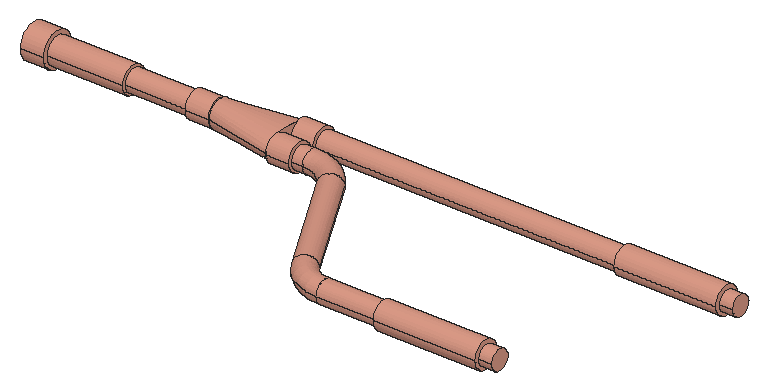
Revit family "outputfile", category 配管付属品, Revit 2024
Family settings
  丸型コネクタ寸法 = 半径を使用
  パーツ タイプ = 標準
  OmniClass 番号 = 23.65.55.00
  OmniClass タイトル = Distribution of Supplied Liquids/Gases
  作業面ベース = いいえ
  常に垂直 = はい
  ロード時にボイドで切り取り = いいえ
  共有 = いいえ
Parameters (values of type "KHRP26A33T")
  Description = ""
  製造元 = "Daikin"
  書き出し IFC クラス(タイプ) = "IfcPipeFittingType"
  定義済み IFC タイプ(タイプ) = "JUNCTION"
  Cost = 0
  Type Comments = ""
  Keynote = ""
  Type Image = (empty or 0)
  Assembly Code = ""
  mm⇔inch [instance] = yes
  l_InletPipe4 = 10.0 mm
  built-in parameter 1114242 [instance] = (empty or 0)
  Default Elevation = 0.0 mm
  モデル = "KHRP26A33T"
  table_StraightPipe [instance] = if(mm⇔inch, "Refnet Joint_KHRP26A-T_Liquid_StraightPipe", "Refnet Joint_KHRP26A-T_Liquid_StraightPipe_inch")  # "Refnet Joint_KHRP26A-T_Liquid_StraightPipe"
  table_BranchPipe [instance] = if(mm⇔inch, "Refnet Joint_KHRP26A-T_Liquid_BranchPipe", "Refnet Joint_KHRP26A-T_Liquid_BranchPipe_inch")  # "Refnet Joint_KHRP26A-T_Liquid_BranchPipe"
  table_Inlet [instance] = if(mm⇔inch, "Refnet Joint_KHRP26A-T_Liquid_Inlet", "Refnet Joint_KHRP26A-T_Liquid_Inlet_inch")  # "Refnet Joint_KHRP26A-T_Liquid_Inlet"
  switch_StraightPipe_Reducer [instance] = if(Is_StraightPipe Reducer = 1, 1 = 1, 1 = 0)  # no
  switch_StraightPipe3 [instance] = if(number_StraightPipe = 3, 1 = 1, 1 = 0)  # no
  switch_StraightPipe2 [instance] = if(number_StraightPipe < 2, 1 = 0, 1 = 1)  # yes
  switch_BranchPipe_Reducer [instance] = if(Is_BranchPipe Reducer = 1, 1 = 1, 1 = 0)  # no
  switch_BranchPipe3 [instance] = if(number_BranchPipe = 3, 1 = 1, 1 = 0)  # no
  switch_BranchPipe2 [instance] = if(number_BranchPipe < 2, 1 = 0, 1 = 1)  # yes
  switch_Inlet pipe_Reducer [instance] = if(Is_Inlet Reducer = 1, 1 = 1, 1 = 0)  # no
  switch_Inlet pipe3 [instance] = if(number_InletPipe = 3, 1 = 1, 1 = 0)  # no
  switch_Inlet pipe2 [instance] = if(number_InletPipe < 2, 1 = 0, 1 = 1)  # yes
  Uniclass2015Version = "Products v1.31"
  Uniclass2015Title = "Copper pipe fittings"
  Uniclass2015Code = "Pr_65_52_63_18"
  URL = ""
  StraightPipe_Liquid_ActualDiameter [instance] = 6.4 mm
  Material_Piping = DAIKIN_Copper_Pipe
  Material_Insulation = DAIKIN_White_Insulation
  lw_Insulation [instance] = size_lookup(table_Inlet, "lw_Insulation", 38.0 mm, モデル)  # 28.0 mm
  Unit Type = "KHRP26A-T_Liquid"
  Tag No. [instance] = ""
  StraightPipe_Liquid_Status [instance] = size_lookup(table_StraightPipe, "Information", "The connected pipe size is not available.", モデル, StraightPipe_Liquid_ActualDiameter)  # "Default connector size is used."
  Link_Nested Family [instance] = ""
  Inlet_Liquid_Actual Diameter [instance] = 12.7 mm
  IfcVersion = ""
  IfcExportType = "JUNCTION"
  IfcExportAs = "IfcPipeFittingType"
  BranchPipe_Liquid_Status [instance] = size_lookup(table_BranchPipe, "Information", "The connected pipe size is not available.", モデル, BranchPipe_Liquid_ActualDiameter)  # "Default connector size is used."
  Inlet_Liquid_Status [instance] = size_lookup(table_Inlet, "Information", "The connected pipe size is not available.", モデル, Inlet_Liquid_Actual Diameter)  # "Default connector size is used."
  Series = "Refnet Joint"
  O.R_dividePipe_Inlet [instance] = (I.D_InletPipe1 + 2.0 mm) / 2  # 5.75 mm
  r_StraightPipe_Connector [instance] = StraightPipe_Liquid_ActualDiameter / 2  # 3.2 mm
  r_BranchPipe_Connector [instance] = BranchPipe_Liquid_ActualDiameter / 2  # 3.2 mm
  r_Inlet_Connector [instance] = Inlet_Liquid_Actual Diameter / 2  # 6.35 mm
  number_StraightPipe [instance] = size_lookup(table_StraightPipe, "pipeNumber", 2, モデル, StraightPipe_Liquid_ActualDiameter)  # 2
  number_BranchPipe [instance] = size_lookup(table_BranchPipe, "pipeNumber", 2, モデル, BranchPipe_Liquid_ActualDiameter)  # 2
  number_InletPipe [instance] = size_lookup(table_Inlet, "pipeNumber", 1, モデル, Inlet_Liquid_Actual Diameter)  # 2
  r_BranchPipeR [instance] = size_lookup(table_BranchPipe, "r_offsetPipeR", 18.0 mm, モデル, BranchPipe_Liquid_ActualDiameter)  # 18.0 mm
  l_BranchPipe_Straight2 [instance] = size_lookup(table_BranchPipe, "L_offsetPipe2", 25.5 mm, モデル)  # 25.5 mm
  l_BranchPipe_Straight1 [instance] = size_lookup(table_BranchPipe, "L_offsetPipe1", 5.0 mm, モデル)  # 5.0 mm
  l_BranchPipe connector [instance] = size_lookup(table_BranchPipe, "Length", 150.0 mm, モデル, BranchPipe_Liquid_ActualDiameter)  # 150.0 mm
  l_inlet connector [instance] = size_lookup(table_Inlet, "Length", 70.0 mm, モデル, Inlet_Liquid_Actual Diameter)  # 80.0 mm
  l_dividePipe [instance] = size_lookup(table_Inlet, "L_devidePipe", 30.0 mm, モデル)  # 30.0 mm
  l_StraightPipeReducer [instance] = size_lookup(table_StraightPipe, "L_Reducer", 80.0 mm, モデル, StraightPipe_Liquid_ActualDiameter)  # 80.0 mm
  l_StraightPipe3 [instance] = size_lookup(table_StraightPipe, "L_Pipe3", 2.0 mm, モデル)  # 2.0 mm
  l_StraightPipe2 [instance] = size_lookup(table_StraightPipe, "L_Pipe2", 6.0 mm, モデル)  # 6.0 mm
  l_StraightPipe1 [instance] = size_lookup(table_StraightPipe, "L_Pipe1", 44.0 mm, モデル)  # 44.0 mm
  l_StraightPipe0 [instance] = size_lookup(table_StraightPipe, "L_Pipe0", 130.0 mm, モデル)  # 130.0 mm
  l_StraightPipe connector [instance] = size_lookup(table_StraightPipe, "Length", 190.0 mm, モデル, StraightPipe_Liquid_ActualDiameter)  # 190.0 mm
  l_BranchPipe Reducer [instance] = size_lookup(table_BranchPipe, "L_Reducer", 50.0 mm, モデル, BranchPipe_Liquid_ActualDiameter)  # 50.0 mm
  l_BranchPipe3 [instance] = size_lookup(table_BranchPipe, "L_Pipe3", 2.0 mm, モデル)  # 2.0 mm
  l_BranchPipe2 [instance] = size_lookup(table_BranchPipe, "L_Pipe2", 6.0 mm, モデル)  # 6.0 mm
  l_BranchPipe1 [instance] = size_lookup(table_BranchPipe, "L_Pipe1", 44.0 mm, モデル)  # 44.0 mm
  l_BranchPipe0 [instance] = size_lookup(table_BranchPipe, "L_Pipe0", 90.0 mm, モデル)  # 90.0 mm
  l_InletReducer [instance] = size_lookup(table_Inlet, "L_Reducer", 80.0 mm, モデル, Inlet_Liquid_Actual Diameter)  # 80.0 mm
  l_InletPipe3 [instance] = size_lookup(table_Inlet, "L_Pipe3", 2.0 mm, モデル)  # 2.0 mm
  l_InletPipe2 [instance] = size_lookup(table_Inlet, "L_Pipe2", 2.0 mm, モデル)  # 10.0 mm
  l_InletPipe1 [instance] = size_lookup(table_Inlet, "L_Pipe1", 7.0 mm, モデル)  # 33.0 mm
  l_InletPipe0 [instance] = size_lookup(table_Inlet, "L_Pipe0", 53.0 mm, モデル)  # 27.0 mm
  center_StraightPipe [instance] = size_lookup(table_StraightPipe, "center_Pipe", 6.5 mm, モデル)  # 6.5 mm
  center_BranchPipe2 [instance] = size_lookup(table_BranchPipe, "center_OffsetPipe", 73.5 mm, モデル)  # 73.5 mm
  center_BranchPipe1 [instance] = size_lookup(table_BranchPipe, "center_Pipe", 6.5 mm, モデル)  # 6.5 mm
  StraightPipe_Liquid_AvailableDiameter [instance] = size_lookup(table_StraightPipe, "sizeVariation", "", モデル)  # "6.4/9.5mm"
  BranchPipe_Liquid_AvailableDiameter [instance] = size_lookup(table_BranchPipe, "sizeVariation", "", モデル)  # "6.4/9.5mm"
  Inlet_Liquid_Available Diameter [instance] = size_lookup(table_Inlet, "sizeVariation", "", モデル)  # "9.5/12.7mm"
  O.D_StraightPipe Reducer [instance] = size_lookup(table_StraightPipe, "O.D_reducer", 2.0 mm, モデル, StraightPipe_Liquid_ActualDiameter)  # 2.0 mm
  O.D_Offset Outlet Reducer [instance] = size_lookup(table_BranchPipe, "O.D_reducer", 2.0 mm, モデル, BranchPipe_Liquid_ActualDiameter)  # 2.0 mm
  O.D_Inlet Reducer [instance] = size_lookup(table_Inlet, "O.D_reducer", 2.0 mm, モデル, Inlet_Liquid_Actual Diameter)  # 2.0 mm
  Is_StraightPipe Reducer [instance] = size_lookup(table_StraightPipe, "IsReducer", 0, モデル, StraightPipe_Liquid_ActualDiameter)  # 0
  Is_BranchPipe Reducer [instance] = size_lookup(table_BranchPipe, "IsReducer", 0, モデル, BranchPipe_Liquid_ActualDiameter)  # 0
  Is_Inlet Reducer [instance] = size_lookup(table_Inlet, "IsReducer", 0, モデル, Inlet_Liquid_Actual Diameter)  # 0
  BranchPipe_Liquid_ActualDiameter [instance] = 6.4 mm
  Attach_Insulation [instance] = no
  I.D_StraightPipe3 [instance] = size_lookup(table_StraightPipe, "I.D_PipeSize3", 2.0 mm, モデル)  # 2.0 mm
  I.D_StraightPipe2 [instance] = size_lookup(table_StraightPipe, "I.D_PipeSize2", 6.4 mm, モデル)  # 6.4 mm
  I.D_StraightPipe1 [instance] = size_lookup(table_StraightPipe, "I.D_PipeSize1", 9.5 mm, モデル)  # 9.5 mm
  I.D_StraightPipe0 [instance] = size_lookup(table_StraightPipe, "I.D_PipeSize0", 7.5 mm, モデル)  # 7.5 mm
  I.D_BranchPipe3 [instance] = size_lookup(table_BranchPipe, "I.D_PipeSize3", 2.0 mm, モデル)  # 2.0 mm
  I.D_BranchPipe2 [instance] = size_lookup(table_BranchPipe, "I.D_PipeSize2", 6.4 mm, モデル)  # 6.4 mm
  I.D_BranchPipe1 [instance] = size_lookup(table_BranchPipe, "I.D_PipeSize1", 9.5 mm, モデル)  # 9.5 mm
  I.D_BranchPipe0 [instance] = size_lookup(table_BranchPipe, "I.D_PipeSize0", 7.5 mm, モデル)  # 7.5 mm
  I.D_Straight Reducer [instance] = size_lookup(table_StraightPipe, "I.D_reducer", 2.0 mm, モデル, StraightPipe_Liquid_ActualDiameter)  # 2.0 mm
  I.D_OutletPipe [instance] = size_lookup(table_Inlet, "I.D_OutletPipeSize", 9.6 mm, モデル, Inlet_Liquid_Actual Diameter)  # 9.6 mm
  I.D_Branch Reducer [instance] = size_lookup(table_BranchPipe, "I.D_reducer", 2.0 mm, モデル, BranchPipe_Liquid_ActualDiameter)  # 2.0 mm
  I.D_Inlet Reducer [instance] = size_lookup(table_Inlet, "I.D_reducer", 2.0 mm, モデル, Inlet_Liquid_Actual Diameter)  # 2.0 mm
  I.D_InletPipe3 [instance] = size_lookup(table_Inlet, "I.D_PipeSize3", 2.0 mm, モデル)  # 2.0 mm
  I.D_InletPipe2 [instance] = size_lookup(table_Inlet, "I.D_PipeSize2", 2.0 mm, モデル)  # 12.7 mm
  I.D_InletPipe1 [instance] = size_lookup(table_Inlet, "I.D_PipeSize1", 9.5 mm, モデル)  # 9.5 mm
  I.D_InletPipe0 [instance] = size_lookup(table_Inlet, "I.D_PipeSize0", 7.5 mm, モデル)  # 7.5 mm
Reference planes
  plane 1 "Center (Front/Back)": y = 0
  plane 2: z = 0
  plane 3 "base_left": x = 0
  plane 4: x = 2
  plane 5: x = 12
  plane 6: x = 45
  plane 7: x = 72
  plane 8: x = 82
  plane 9: x = 112
  plane 10: x = 122
  plane 11 "center_straight outlet": y = 6.5
  plane 12 "center2_offset outlet": y = -73.5
  plane 13 "center1_offset outlet": y = -6.5
  plane 14: x = 252
  plane 15: x = 296
  plane 16: x = 302
  plane 17: x = 212
  plane 18: x = 256
  plane 19: x = 262
  plane 20: x = 304
  plane 21: x = 264
  plane 22 "Reducer_straightoutlet": x = 262
  plane 23: x = 302
  plane 24: y = -12.25
  plane 25: z = 5.75
  plane 26 "Inlet_connector": x = 2
  plane 27 "Left_Insulation": x = 54
Forms (mm)
  SweptBlend 1, solid, material "DAIKIN_Copper_Pipe" <- "Material_Piping"
    path origin (0, 0, 0) x (1, 0, 0) y (0, 1, 0)
      loop
        line (82, 0) -> (112, 0)
    profile origin (82, 0, 0) x (0, 1, 0) y (0, 0, 1)
      loop
        circle (0, 0) r 5.75
    end profile origin (112, 0, 0) x (0, 1, 0) y (0, 0, 1)
      loop
        spline (-12.25, 0) -> (-11.833, -1.488) -> (-10.609, -2.875) -> (-8.662, -4.066) -> (-6.125, -4.98) -> (-3.171, -5.554) -> (0, -5.75) -> (3.171, -5.554) -> (6.125, -4.98) -> (8.662, -4.066) -> (10.609, -2.875) -> (11.833, -1.488) -> (12.25, 0)
        spline (12.25, 0) -> (11.833, 1.488) -> (10.609, 2.875) -> (8.662, 4.066) -> (6.125, 4.98) -> (3.171, 5.554) -> (0, 5.75) -> (-3.171, 5.554) -> (-6.125, 4.98) -> (-8.662, 4.066) -> (-10.609, 2.875) -> (-11.833, 1.488) -> (-12.25, 0)
Dimensions and locks
  "l_InletPipe3": plane 3 "base_left" to plane 4
  "l_InletPipe2": plane 4 to plane 5
  "l_InletPipe1": plane 5 to plane 6
  "l_InletPipe0": plane 6 to plane 7
  "l_InletPipe4": plane 7 to plane 8
  "center_StraightPipe": plane 1 "Center (Front/Back)" to plane 11 "center_straight outlet"
  "center_BranchPipe2": plane 12 "center2_offset outlet" to plane 1 "Center (Front/Back)"
  "center_BranchPipe1": plane 13 "center1_offset outlet" to plane 1 "Center (Front/Back)"
  "l_dividePipe": plane 8 to plane 9
  plane 9 to plane 10 = 10.0 mm
  "l_StraightPipe0": plane 10 to plane 14
  "l_BranchPipe0": plane 10 to plane 17
  "l_BranchPipe1": plane 17 to plane 18
  "l_BranchPipe2": plane 18 to plane 19
  "l_StraightPipe1": plane 14 to plane 15
  "l_StraightPipe2": plane 15 to plane 16
  "l_StraightPipe3": plane 16 to plane 20
  "l_BranchPipe3": plane 19 to plane 21
  "l_BranchPipe connector": plane 9 to plane 22 "Reducer_straightoutlet"
  "l_StraightPipe connector": plane 9 to plane 23
  "O.R_dividePipe_Inlet": plane 24 to plane 13 "center1_offset outlet"
  "O.R_dividePipe_Inlet": plane 25 to plane 2
  "l_inlet connector": plane 26 "Inlet_connector" to plane 8
  "lw_Insulation": plane 27 "Left_Insulation" to plane 8
  "O.R_dividePipe_Inlet": radius of SweptBlend 1 sketch curve
  aligned and locked: level to plane 2
  aligned and locked: plane 2 to nested 1
  aligned and locked: plane 3 "base_left" to nested 1
  aligned and locked: plane 1 "Center (Front/Back)" to nested 1
  aligned and locked: plane 4 to nested 2
  aligned and locked: plane 1 "Center (Front/Back)" to nested 2
  aligned and locked: plane 5 to nested 2
  aligned and locked: plane 5 to nested 3
  aligned and locked: plane 6 to nested 3
  aligned and locked: plane 6 to nested 4
  aligned and locked: nested 4 to plane 7
  aligned and locked: nested 5 to plane 7
  aligned and locked: nested 5 to plane 8
  aligned and locked: plane 8 to SweptBlend 1 sketch curve
  aligned and locked: plane 9 to SweptBlend 1 sketch curve
  aligned and locked: plane 2 to SweptBlend 1 sketch curve  (x2)
  aligned and locked: plane 1 "Center (Front/Back)" to SweptBlend 1 sketch curve  (x2)
  aligned and locked: nested 6 to plane 9
  aligned and locked: nested 7 to plane 9
  aligned and locked: nested 6 to plane 11 "center_straight outlet"
  aligned and locked: nested 7 to plane 13 "center1_offset outlet"
  aligned and locked: nested 7 to plane 10
  aligned and locked: nested 6 to plane 10
  aligned and locked: nested 8 to plane 10
  aligned and locked: plane 14 to nested 8
  aligned and locked: nested 8 to plane 11 "center_straight outlet"
  aligned and locked: plane 14 to nested 9
  aligned and locked: nested 9 to plane 11 "center_straight outlet"
  aligned and locked: plane 15 to nested 9
  aligned and locked: nested 10 to plane 11 "center_straight outlet"
  aligned and locked: plane 15 to nested 10
  aligned and locked: plane 16 to nested 10
  aligned and locked: nested 11 to plane 12 "center2_offset outlet"
  aligned and locked: plane 17 to nested 11
  aligned and locked: plane 18 to nested 11
  aligned and locked: nested 12 to plane 12 "center2_offset outlet"
  aligned and locked: plane 18 to nested 12
  aligned and locked: plane 19 to nested 12
  aligned and locked: nested 13 to plane 10
  aligned and locked: nested 13 to plane 13 "center1_offset outlet"
  aligned and locked: nested 13 to plane 12 "center2_offset outlet"
  aligned and locked: plane 8 to nested 14
  aligned and locked: plane 1 "Center (Front/Back)" to nested 14
  aligned and locked: plane 11 "center_straight outlet" to nested 15
  aligned and locked: nested 15 to plane 9
  aligned and locked: nested 16 to plane 9
  aligned and locked: plane 12 "center2_offset outlet" to nested 16
  aligned and locked: nested 17 to plane 1 "Center (Front/Back)"
  aligned and locked: plane 16 to nested 18
  aligned and locked: plane 20 to nested 18
  aligned and locked: plane 19 to nested 19
  aligned and locked: plane 21 to nested 19
  aligned and locked: nested 20 to plane 12 "center2_offset outlet"
  aligned and locked: plane 23 to nested 21
  aligned and locked: nested 21 to plane 11 "center_straight outlet"
  aligned and locked: plane 4 to nested 1
  aligned and locked: plane 24 to SweptBlend 1 sketch curve
  aligned and locked: plane 25 to SweptBlend 1 sketch curve
  aligned and locked: nested 19 to plane 12 "center2_offset outlet"
  aligned and locked: nested 18 to plane 11 "center_straight outlet"
  aligned and locked: nested 17 to plane 26 "Inlet_connector"
  aligned and locked: plane 22 "Reducer_straightoutlet" to nested 20
  aligned and locked: plane 27 "Left_Insulation" to nested 22
  aligned and locked: plane 1 "Center (Front/Back)" to nested 22
Automatic sketch dimensions
  plane 1 "Center (Front/Back)" to SweptBlend 1 sketch curve = 0.0 mm
Nested families
  nested 1: "daikin_Pipe" at (1, 0, 0), I.D_Pipe <- "I.D_InletPipe3", display <- "switch_Inlet pipe3", type "*"
    with length_Pipe 2.0 mm, display no, O.D_Pipe 4.0 mm, I.D_Pipe 2.0 mm
  nested 2: "daikin_Pipe" at (7, 0, 0), I.D_Pipe <- "I.D_InletPipe2", display <- "switch_Inlet pipe2", type "*"
    with length_Pipe 10.0 mm, display yes, O.D_Pipe 14.7 mm, I.D_Pipe 12.7 mm
  nested 3: "daikin_Pipe" at (28.5, 0, 0), I.D_Pipe <- "I.D_InletPipe1", type "*"
    with length_Pipe 33.0 mm, display yes, O.D_Pipe 11.5 mm, I.D_Pipe 9.5 mm
  nested 4: "daikin_Pipe" at (58.5, 0, 0), I.D_Pipe <- "I.D_InletPipe0", type "*"
    with length_Pipe 27.0 mm, display yes, O.D_Pipe 9.5 mm, I.D_Pipe 7.5 mm
  nested 5: "daikin_Pipe" at (77, 0, 0), I.D_Pipe <- "I.D_InletPipe1", type "*"
    with length_Pipe 10.0 mm, display yes, O.D_Pipe 11.5 mm, I.D_Pipe 9.5 mm
  nested 6: "daikin_Pipe" at (117, 6.5, 0), I.D_Pipe <- "I.D_OutletPipe", type "*"
    with length_Pipe 10.0 mm, display yes, O.D_Pipe 11.6 mm, I.D_Pipe 9.6 mm
  nested 7: "daikin_Pipe" at (117, -6.5, 0), I.D_Pipe <- "I.D_OutletPipe", type "*"
    with length_Pipe 10.0 mm, display yes, O.D_Pipe 11.6 mm, I.D_Pipe 9.6 mm
  nested 8: "daikin_Pipe" at (187, 6.5, 0), I.D_Pipe <- "I.D_StraightPipe0", type "*"
    with length_Pipe 130.0 mm, display yes, O.D_Pipe 9.5 mm, I.D_Pipe 7.5 mm
  nested 9: "daikin_Pipe" at (274, 6.5, 0), I.D_Pipe <- "I.D_StraightPipe1", type "*"
    with length_Pipe 44.0 mm, display yes, O.D_Pipe 11.5 mm, I.D_Pipe 9.5 mm
  nested 10: "daikin_Pipe" at (299, 6.5, 0), I.D_Pipe <- "I.D_StraightPipe2", display <- "switch_StraightPipe2", type "*"
    with length_Pipe 6.0 mm, display yes, O.D_Pipe 8.4 mm, I.D_Pipe 6.4 mm
  nested 11: "daikin_Pipe" at (234, -73.5, 0), I.D_Pipe <- "I.D_BranchPipe1", type "*"
    with length_Pipe 44.0 mm, display yes, O.D_Pipe 11.5 mm, I.D_Pipe 9.5 mm
  nested 12: "daikin_Pipe" at (259, -73.5, 0), I.D_Pipe <- "I.D_BranchPipe2", display <- "switch_BranchPipe2", type "*"
    with length_Pipe 6.0 mm, display yes, O.D_Pipe 8.4 mm, I.D_Pipe 6.4 mm
  nested 13: "daikin_Pipe Ofsset" at (122, -6.5, 0), I.D_Pipe size <- "I.D_BranchPipe0", length_straight pipe1 <- "l_BranchPipe_Straight1", length_straight pipe2 <- "l_BranchPipe_Straight2", r_Pipe R <- "r_BranchPipeR", length_Pipe <- "l_BranchPipe0", type "*"
    with r_Pipe R 18.0 mm, length_straight pipe2 25.5 mm, length_straight pipe1 5.0 mm, length_offset center 67.0 mm, length_Pipe 90.0 mm, O.D_Pipe size 9.5 mm, I.D_Pipe size 7.5 mm
  nested 14: "daikin_connector_rotate2" at (82, 0, 0) x (0, -1, 0) z (0, 0, 1), length <- "l_inlet connector", type "daikin_connector_rotate2"
    with radius 5.0 mm, length 80.0 mm, angle_vertical 90.00°, locaton_mark no
  nested 15: "daikin_connector_rotate2" at (112, 6.5, 0) x (0, 1, 0) z (0, 0, 1), length <- "l_StraightPipe connector", type "daikin_connector_rotate2"
    with radius 5.0 mm, length 190.0 mm, angle_vertical 90.00°, locaton_mark no
  nested 16: "daikin_connector_rotate2" at (112, -73.5, 0) x (0, 1, 0) z (0, 0, 1), length <- "l_BranchPipe connector", type "daikin_connector_rotate2"
    with radius 5.0 mm, length 150.0 mm, angle_vertical 90.00°, locaton_mark no
  nested 17: "daikin_Pipe_reducer" at (42, 0, 0) x (-1, 0, 0) z (0, 0, 1), display <- "switch_Inlet pipe_Reducer", length_Pipe <- "l_InletReducer", I.D_Pipe1 <- "I.D_Inlet Reducer", O.D_Pipe2 <- "O.D_Inlet Reducer", type "*"
    with length_Pipe 80.0 mm, display no, O.D_Pipe2 2.0 mm, O.D_Pipe1 4.0 mm, I.D_Pipe2 0.0 mm, I.D_Pipe1 2.0 mm
  nested 18: "daikin_Pipe" at (303, 6.5, 0), I.D_Pipe <- "I.D_StraightPipe3", display <- "switch_StraightPipe3", type "*"
    with length_Pipe 2.0 mm, display no, O.D_Pipe 4.0 mm, I.D_Pipe 2.0 mm
  nested 19: "daikin_Pipe" at (263, -73.5, 0), I.D_Pipe <- "I.D_BranchPipe3", display <- "switch_BranchPipe3", type "*"
    with length_Pipe 2.0 mm, display no, O.D_Pipe 4.0 mm, I.D_Pipe 2.0 mm
  nested 20: "daikin_Pipe_reducer" at (237, -73.5, 0), I.D_Pipe1 <- "I.D_Branch Reducer", O.D_Pipe2 <- "O.D_Offset Outlet Reducer", length_Pipe <- "l_BranchPipe Reducer", display <- "switch_BranchPipe_Reducer", type "*"
    with length_Pipe 50.0 mm, display no, O.D_Pipe2 2.0 mm, O.D_Pipe1 4.0 mm, I.D_Pipe2 0.0 mm, I.D_Pipe1 2.0 mm
  nested 21: "daikin_Pipe_reducer" at (262, 6.5, 0), I.D_Pipe1 <- "I.D_Straight Reducer", O.D_Pipe2 <- "O.D_StraightPipe Reducer", length_Pipe <- "l_StraightPipeReducer", display <- "switch_StraightPipe_Reducer", type "*"
    with length_Pipe 80.0 mm, display no, O.D_Pipe2 2.0 mm, O.D_Pipe1 4.0 mm, I.D_Pipe2 0.0 mm, I.D_Pipe1 2.0 mm
  nested 22: "daikin_Insulation_RefnetJoint" at (54, 0, 0), I.D_Outlet PipeSize <- "I.D_OutletPipe", type "*"
    with h 41.6 mm, I.D_Outlet PipeSize 9.6 mm, d_Insulation3_3 64.0 mm, d_Insulation2_2 30.0 mm, d_Insulation1_1 22.0 mm, w_Insulation5 153.0 mm, w_Insulation4 48.6 mm, w_Insulation3 26.5 mm, w_Insulation2 33.3 mm, w_Insulation1 1.0 mm, display no, d_Insulation3 63.0 mm, d_Insulation2 32.0 mm, d_Insulation1 24.0 mm
Connectors
  piping at (2, 0, 0), diameter 12.7, driven by "r_Inlet_Connector"
    settings: on nested 14, index 1, connector inside diameter 609.6 mm, connector length 0.0 mm, flow factor 0, pipe flow 0.00 m³/h, pressure drop 0.0 Pa, fitting loss kfactor 0, connector angle 0.00°, fixture units 0, engagement length 0.0 mm, angle of deflection 0.00°, flow configuration 0, flow direction 1, fitting loss method 0, system type 29, joint type 0, gender type 0, connector reference index -1, connector utility 0, adjustable connector no, is connector primary yes, connector description "Refnet Joint_Inlet_Liquid"
  piping at (262, -73.5, 0), diameter 6.4, driven by "r_BranchPipe_Connector"
    settings: on nested 16, index 2, connector inside diameter 609.6 mm, connector length 0.0 mm, flow factor 0, pipe flow 0.00 m³/h, pressure drop 0.0 Pa, fitting loss kfactor 0, connector angle 0.00°, fixture units 0, engagement length 0.0 mm, angle of deflection 0.00°, flow configuration 0, flow direction 2, fitting loss method 0, system type 29, joint type 0, gender type 0, connector reference index -1, connector utility 0, adjustable connector no, is connector primary no, connector description "Refnet Joint_Outlet Branch_Liquid"
  piping at (302, 6.5, 0), diameter 6.4, driven by "r_StraightPipe_Connector"
    settings: on nested 15, index 3, connector inside diameter 609.6 mm, connector length 0.0 mm, flow factor 0, pipe flow 0.00 m³/h, pressure drop 0.0 Pa, fitting loss kfactor 0, connector angle 0.00°, fixture units 0, engagement length 0.0 mm, angle of deflection 0.00°, flow configuration 0, flow direction 2, fitting loss method 0, system type 29, joint type 0, gender type 0, connector reference index -1, connector utility 0, adjustable connector no, is connector primary no, connector description "Refnet Joint_Outlet Straight_Liquid"
Definition of nested family "daikin_Pipe"
  Parameters (values of type "*")
    Default Elevation = 0.0 mm
    material = none
    length_Pipe [instance] = 150.0 mm
    display [instance] = yes
    O.D_Pipe [instance] = I.D_Pipe + 2.0 mm  # 27.0 mm
    I.D_Pipe [instance] = 25.0 mm
  Reference planes
    plane 1 "Center (Front/Back)": y = 0
    plane 2 "center(vertical)": z = 0
    plane 3 "Center (Left/Right)": x = 0
    plane 4 "left": x = -75
    plane 5 "right": x = 75
  Forms (mm)
    Extrusion 1, solid, material <- "material", visible <- "display"
      sketch origin (0, 0, 0) x (0, 1, 0) y (0, 0, 1)
        loop
          circle (0, 0) r 13.5
      from -75 to 75
  Dimensions and locks
    equal spacing: plane 4 "left", plane 3 "Center (Left/Right)", plane 5 "right"
    "length_Pipe": plane 4 "left" to plane 5 "right"
    "O.D_Pipe": diameter of Extrusion 1 sketch curve
    aligned and locked: level to plane 2 "center(vertical)"
    aligned and locked: plane 2 "center(vertical)" to Extrusion 1 sketch curve
    aligned and locked: plane 1 "Center (Front/Back)" to Extrusion 1 sketch curve
    aligned and locked: plane 5 "right" to Extrusion 1
    aligned and locked: Extrusion 1 to plane 4 "left"
Definition of nested family "daikin_Pipe Ofsset"
  Parameters (values of type "*")
    Default Elevation = 0.0 mm
    r_Pipe R [instance] = 18.0 mm
    material = none
    length_straight pipe2 [instance] = 25.5 mm
    length_straight pipe1 [instance] = 5.0 mm
    length_offset center [instance] = 67.5 mm
    length_Pipe [instance] = 90.0 mm
    O.D_Pipe size [instance] = I.D_Pipe size + 2.0 mm  # 12.0 mm
    I.D_Pipe size [instance] = 10.0 mm
  Reference planes
    plane 1 "Center (Front/Back)": y = 0
    plane 2: z = 0
    plane 3 "Center (Left/Right)": x = 0
    plane 4: y = -67.5
    plane 5: x = 90
    plane 6: x = 64.5
    plane 7: x = 5
  Forms (mm)
    Sweep 1, solid, material <- "material"
      path origin (0, 0, 0) x (1, 0, 0) y (0, 1, 0)
        loop
          line (0, 0) -> (5, 0)
          arc (5, 0) -> (14.03, -2.429) -> (20.623, -9.061) r 18
          line (20.623, -9.061) -> (48.877, -58.439)
          arc (48.877, -58.439) -> (55.47, -65.071) -> (64.5, -67.5) r 18
          line (64.5, -67.5) -> (90, -67.5)
      profile origin (2.5, 0, 0) x (0, 1, 0) y (0, 0, 1)
        loop
          circle (0, 0) r 6
  Dimensions and locks
    "length_offset center": plane 4 to plane 1 "Center (Front/Back)"
    "length_straight pipe1": plane 3 "Center (Left/Right)" to plane 7
    "length_Pipe": plane 3 "Center (Left/Right)" to plane 5
    "length_straight pipe2": plane 6 to plane 5
    "O.D_Pipe size": diameter of Sweep 1 sketch curve
    "r_Pipe R": radius of Sweep 1 sketch curve  (x2)
    aligned and locked: level to plane 2
    aligned and locked: plane 1 "Center (Front/Back)" to Sweep 1 sketch curve
    aligned and locked: profile plane to Sweep 1 sketch curve
    aligned and locked: plane 5 to Sweep 1 sketch curve
    aligned and locked: plane 7 to Sweep 1 sketch curve
    aligned and locked: plane 6 to Sweep 1 sketch curve
  Automatic sketch dimensions
    plane 1 "Center (Front/Back)" to Sweep 1 sketch curve = 0.0 mm
    Sweep 1 sketch curve to plane 3 "Center (Left/Right)" = 0.0 mm
    plane 4 to Sweep 1 sketch curve = 0.0 mm
Definition of nested family "daikin_connector_rotate2"
  Parameters (values of type "daikin_connector_rotate2")
    show_face = no
    radius [instance] = 10.0 mm
    locaton_mark = yes
    length [instance] = 600.0 mm
    d_surface = 10.0 mm
    angle_vertical [instance] = 90.00°
    Default Elevation = 0.0 mm
  Reference planes
    plane 1 "Center (Front/Back)": y = 0
    plane 2: z = 0
    plane 3 "Center (Left/Right)": x = 0
  Forms (mm)
    Extrusion 1, solid, visible <- "show_face"
      sketch origin (0, -600, 0) x (1, 0, 0) y (0, 0, 1)
        loop
          circle (0, 0) r 10
      from 0 to -10
  Lines and regions (mm)
    reference lines
      curve 1: line (0, 0, 0) -> (0, -600, 0)
    symbolic lines, visible <- "locaton_mark"
      curve 2: circle (0, 0, 0) r 5 normal (0, 0, 1)
    model lines, visible <- "show_face"
      curve 3: line (0, 0, 0) -> (0, -600, 0)
  Dimensions and locks
    "length": curve 1 to curve 1
    "length": curve 3 to curve 3
    "d_surface": Extrusion 1 to Extrusion 1
    "radius": radius of Extrusion 1 sketch curve
    "angle_vertical": angle curve 1 to plane 1 "Center (Front/Back)"
    "angle_vertical": angle curve 3 to plane 1 "Center (Front/Back)"
    aligned and locked: level to plane 2
    aligned and locked: plane 1 "Center (Front/Back)" to curve 1
    aligned and locked: plane 2 to curve 1
    aligned and locked: plane 1 "Center (Front/Back)" to curve 2
    aligned and locked: plane 3 "Center (Left/Right)" to curve 2
    aligned and locked: plane 1 "Center (Front/Back)" to curve 3
    aligned and locked: plane 2 to curve 3
    aligned and locked: Extrusion 1 to Extrusion 1
  Automatic sketch dimensions
    Extrusion 1 sketch curve to level = 0.0 mm
    Extrusion 1 sketch curve to plane 3 "Center (Left/Right)" = 0.0 mm
    radius of curve 2 = 5.0 mm
Definition of nested family "daikin_Pipe_reducer"
  Parameters (values of type "*")
    Default Elevation = 0.0 mm
    material = none
    length_Pipe [instance] = 250.0 mm
    display [instance] = yes
    O.D_Pipe2 [instance] = 19.1 mm
    O.D_Pipe1 [instance] = I.D_Pipe1 + 2.0 mm  # 24.2 mm
    I.D_Pipe2 [instance] = O.D_Pipe2 - 2.0 mm  # 17.1 mm
    I.D_Pipe1 [instance] = 22.2 mm
  Reference planes
    plane 1 "Center (Front/Back)": y = 0
    plane 2 "center(vertical)": z = 0
    plane 3 "Center (Left/Right)": x = 0
    plane 4 "connection": x = -125
    plane 5 "right": x = 113
    plane 6: x = 125
  Forms (mm)
    Extrusion 1, solid, material <- "material", visible <- "display"
      sketch origin (0, 0, 0) x (0, 1, 0) y (0, 0, 1)
        loop
          circle (0, 0) r 9.55
      from -125 to 113
    Extrusion 2, solid, material <- "material", visible <- "display"
      sketch origin (0, 0, 0) x (0, 1, 0) y (0, 0, 1)
        loop
          circle (0, 0) r 12.1
      from 113 to 125
  Dimensions and locks
    locked: plane 5 "right" to plane 6 at 12
    "length_Pipe": plane 4 "connection" to plane 6
    equal spacing: plane 4 "connection", plane 3 "Center (Left/Right)", plane 6
    "O.D_Pipe2": diameter of Extrusion 1 sketch curve
    "O.D_Pipe1": diameter of Extrusion 2 sketch curve
    aligned and locked: level to plane 2 "center(vertical)"
    aligned and locked: plane 2 "center(vertical)" to Extrusion 1 sketch curve
    aligned and locked: plane 1 "Center (Front/Back)" to Extrusion 1 sketch curve
    aligned and locked: plane 5 "right" to Extrusion 1
    aligned and locked: Extrusion 1 to plane 4 "connection"
    aligned and locked: plane 2 "center(vertical)" to Extrusion 2 sketch curve
    aligned and locked: plane 1 "Center (Front/Back)" to Extrusion 2 sketch curve
    aligned and locked: Extrusion 2 to plane 5 "right"
    aligned and locked: plane 6 to Extrusion 2
Definition of nested family "daikin_Insulation_RefnetJoint"
  Parameters (values of type "*")
    d_Insulation3_3 = size_lookup(table_Insulation, "d_Insulation3_3", 131.5 mm, Model)  # 74.9 mm
    d_Insulation2_2 = size_lookup(table_Insulation, "d_Insulation2_2", 79.0 mm, Model)  # 40.2 mm
    d_Insulation1_1 = size_lookup(table_Insulation, "d_Insulation1_1", 56.0 mm, Model)  # 27.2 mm
    Default Elevation = 0.0 mm
    Model = "KHRP26A73T + KHRP26M73TP"
    w_Insulation5 = size_lookup(table_Insulation, "w_Insulation5", 212.0 mm, Model)  # 238.0 mm
    w_Insulation4 = size_lookup(table_Insulation, "w_Insulation4", 67.0 mm, Model)  # 55.9 mm
    w_Insulation3 = size_lookup(table_Insulation, "w_Insulation3", 34.7 mm, Model)  # 42.1 mm
    w_Insulation2 = size_lookup(table_Insulation, "w_Insulation2", 80.0 mm, Model)  # 71.0 mm
    w_Insulation1 = size_lookup(table_Insulation, "w_Insulation1", 22.0 mm, Model)  # 28.0 mm
    table_Insulation = "Refnet Joint_KHRP26A-T_Liquid_Insulation"  # constant formula
    material = none
    h [instance] = (I.D_Outlet PipeSize + 2.0 mm) + 30.0 mm  # 47.0 mm
    display = yes
    d_Insulation3 = size_lookup(table_Insulation, "d_Insulation3", 131.5 mm, Model)  # 68.4 mm
    d_Insulation2 = size_lookup(table_Insulation, "d_Insulation2", 79.0 mm, Model)  # 38.9 mm
    d_Insulation1 = size_lookup(table_Insulation, "d_Insulation1", 56.0 mm, Model)  # 25.8 mm
    I.D_Outlet PipeSize [instance] = 15.0 mm
  Reference planes
    plane 1 "Center (Front/Back)": y = 0
    plane 2: z = 0
    plane 3 "Left": x = 0
    plane 4 "top": z = 23.5
    plane 5 "bottom": z = -23.5
    plane 6: x = 28
    plane 7: x = 71
    plane 8: y = 27.2
    plane 9: y = -25.8
    plane 10: y = 40.2
    plane 11: y = -38.9
    plane 12: y = -103.1
    plane 13: x = 238
    plane 14: y = -34.7
    plane 15: x = 113.1
    plane 16: x = 182.1
  Forms (mm)
    Extrusion 1, solid, material <- "material", visible <- "display"
      sketch origin (6, 0, 0) x (1, 0, 0) y (0, 1, 0)
        loop
          line (22, 27.2) -> (-6, 27.2) -> (-6, -25.8) -> (22, -25.8) -> (65, -38.9) -> (107.1, -38.9) -> (176.1, -103.1) -> (232, -103.1) -> (232, -51.7) -> (222.5, -51.7)
          arc (222.5, -51.7) -> (205.5, -34.7) -> (222.5, -17.7) r 17
          line (222.5, -17.7) -> (232, -17.7) -> (232, 40.2) -> (65, 40.2) -> (22, 27.2)
      from -23.5 to 23.5
  Dimensions and locks
    equal spacing: plane 4 "top", plane 2, plane 5 "bottom"
    "h": plane 4 "top" to plane 5 "bottom"
    "w_Insulation1": plane 3 "Left" to plane 6
    "w_Insulation2": plane 3 "Left" to plane 7
    "w_Insulation5": plane 3 "Left" to plane 13
    "w_Insulation3": plane 7 to plane 15
    "w_Insulation4": plane 16 to plane 13
    "d_Insulation1": plane 1 "Center (Front/Back)" to plane 9
    "d_Insulation1_1": plane 8 to plane 1 "Center (Front/Back)"
    "d_Insulation2": plane 1 "Center (Front/Back)" to plane 11
    "d_Insulation2_2": plane 10 to plane 1 "Center (Front/Back)"
    "d_Insulation3_3": plane 10 to plane 14
    "d_Insulation3": plane 14 to plane 12
    Extrusion 1 sketch curve to plane 14 to Extrusion 1 sketch curve = 17.0 mm locked, 17.0 mm locked
    aligned and locked: level to plane 2
    aligned and locked: Extrusion 1 to plane 5 "bottom"
    aligned and locked: plane 4 "top" to Extrusion 1
    aligned and locked: plane 6 to Extrusion 1  (x2)
    aligned and locked: plane 7 to Extrusion 1  (x2)
    aligned and locked: plane 6 to Extrusion 1 sketch curve
    aligned and locked: plane 11 to Extrusion 1 sketch curve
    aligned and locked: plane 7 to Extrusion 1 sketch curve  (x2)
    aligned and locked: plane 10 to Extrusion 1 sketch curve
    aligned and locked: Extrusion 1 sketch curve to plane 12
    aligned and locked: Extrusion 1 sketch curve to plane 13  (x2)
    aligned and locked: plane 16 to Extrusion 1 sketch curve
    aligned and locked: plane 15 to Extrusion 1 sketch curve
  Automatic sketch dimensions
    Extrusion 1 sketch curve to plane 3 "Left" = 0.0 mm
    Extrusion 1 sketch curve to plane 6 = 0.0 mm
    Extrusion 1 sketch curve to plane 9 = 0.0 mm
    Extrusion 1 sketch curve to plane 8 = 0.0 mm
    Extrusion 1 sketch curve to plane 13 = 9.5 mm
